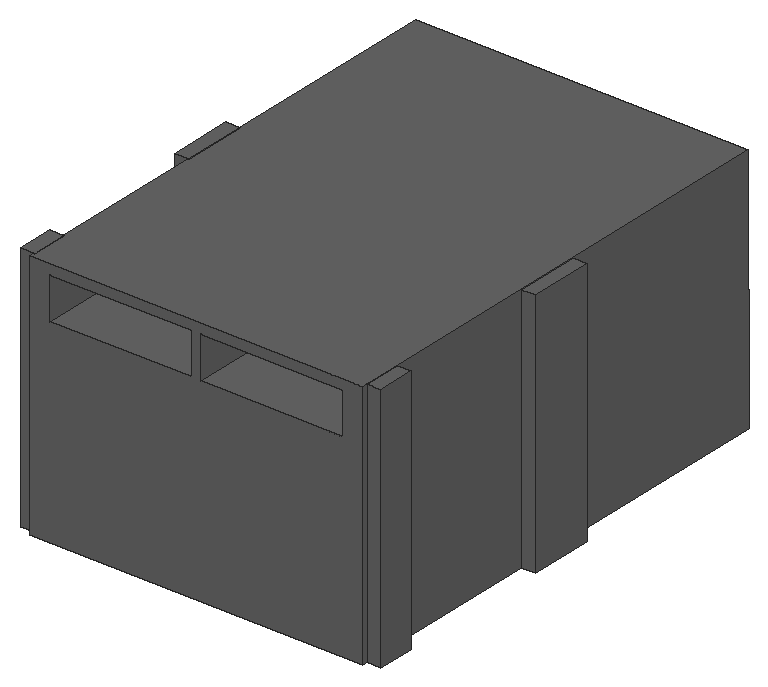
Revit family "WL212-swnew", category Communication Devices, Revit 2012
Parameters
  Width = 21.700"
  Weight Product (lb) = 109
  Weight Product (kg) = 49.4
  Weight Dimensional (lb) = 125
  Weight Dimensional (kg) = 56.7
  URL = "http://www.qscaudio.com/products/speakers/wideline-8/wideline-8_specifications.htm"
  Sensitivity = 99
  SPL Max = 135
  Rigging Collision Zone Width = (Width - Enclosure Width) / 2  # 0.850"
  Rigging Collision Zone Finish = Black Finish
  Regulatory Compliance = "RoHS"
  Rear Rigging Collision Zone Rear Offset = 15.801"
  Rear Rigging Collision Zone Front Offset = 11.926"
  Product Page URL = "http://www.qscaudio.com/products/speakers/wideline-8/wideline-8_specifications.htm"
  Product Documentation Link = "http://media.qscaudio.com/pdfs/Specifications/WideLine8_spec.pdf"
  Power Handling = 1100
  Port Depth = -1 * (Depth - 0.600")  # -28.400"
  Model = "WL212-sw"
  Front Rigging Collision Zone Rear Offset = 2.551"
  Manufacturer URL = "www.qscaudio.com"
  Manufacturer = "QSC Audio Products, LLC"
  Impedance = 4
  Height = 15.000"
  Front Rigging Collision Zone Front Offset = 0.332"
  Enclosure Width = 20.000"
  Enclosure Finish = Black Finish
  Description = "Dual 12\" Bandpass Subwoofer"
  Depth = 29.000"
  Default Elevation = 0.000"
Reference planes (in)
  plane 1 "Center (Front/Back)": y = 0
  plane 2: z = 0
  plane 3 "Center (Left/Right)": x = 0
  plane 4 "Enclosure Rear Extent": y = 29
  plane 5 "Enclosure Top": z = 7.5
  plane 6 "Enclosure Bottom": z = -7.5
  plane 7 "Grill Rear Extent": y = 0.332
  plane 8 "Mid Section Rear Extent": y = 2.551
  plane 9 "Enclosure Right": x = 10
  plane 10 "Enclosure Left": x = -10
  plane 11 "Rear Rigging Collision Zone Front": y = 11.926
  plane 12 "Rear Rigging Collision Zone Rear": y = 15.801
  plane 13 "Rigging Collision Zone Extent Left": x = -10.85
  plane 14 "Rigging Collision Zone Extent Right": x = 10.85
Forms (in)
  Extrusion 1, solid, material "Black Finish" <- "Rigging Collision Zone Finish"
    sketch origin (10.85, 0, 0) x (0, 1, 0) y (0, 0, -1)
      loop
        line (15.801, -7.5) -> (15.801, 7.5) -> (11.926, 7.5) -> (11.926, -7.5) -> (15.801, -7.5)
    from 0 to 0.85 <- "Rigging Collision Zone Width"
  Extrusion 2, solid, material "Black Finish" <- "Rigging Collision Zone Finish"
    sketch origin (-10.85, 0, 0) x (0, 1, 0) y (0, 0, 1)
      loop
        line (15.801, 7.5) -> (11.926, 7.5) -> (11.926, -7.5) -> (15.801, -7.5) -> (15.801, 7.5)
    from 0 to 0.85 <- "Rigging Collision Zone Width"
  Extrusion 3, solid, material "Black Finish" <- "Rigging Collision Zone Finish"
    sketch origin (-10.85, 0, 0) x (0, 1, 0) y (0, 0, 1)
      loop
        line (0.332, 7.5) -> (0.332, -7.5) -> (2.551, -7.5) -> (2.551, 7.5) -> (0.332, 7.5)
    from 0 to 0.85 <- "Rigging Collision Zone Width"
  Extrusion 4, solid, material "Black Finish" <- "Rigging Collision Zone Finish"
    sketch origin (10.85, 0, 0) x (0, 1, 0) y (0, 0, -1)
      loop
        line (0.332, -7.5) -> (2.551, -7.5) -> (2.551, 7.5) -> (0.332, 7.5) -> (0.332, -7.5)
    from 0 to 0.85 <- "Rigging Collision Zone Width"
  Extrusion 5, solid, material "Black Finish" <- "Enclosure Finish"
    sketch origin (10, 0, 0) x (0, 1, 0) y (0, 0, -1)
      loop
        line (0, -7.5) -> (29, -7.5) -> (29, 7.5) -> (0, 7.5) -> (0, -7.5)
    from 0 to 20 <- "Enclosure Width"
  Extrusion 6, void
    sketch origin (0, 0, 0) x (1, 0, 0) y (0, 0, 1)
      loop
        line (-8.808, 6.922) -> (-8.808, 4.386) -> (-0.295, 4.386) -> (-0.295, 6.922) -> (-8.808, 6.922)
      loop
        line (8.808, 6.922) -> (0.295, 6.922) -> (0.295, 4.386) -> (8.808, 4.386) -> (8.808, 6.922)
    from 0 to -28.4 <- "Port Depth"
Cuts and joins
  Extrusion 6 cuts Extrusion 5
Lines and regions (in)
  model lines, not visible, detail levels medium+fine
    curve 1: line (9.95, 7.16358, 0.83783) -> (9.95, 6.7362, 0.0386)
    curve 2: line (9.95, 6.7362, 0.0386) -> (9.95, 7.16338, -0.75902)
    curve 3: arc (9.95, 8.39198, -0.86627) -> (9.95, 8.40637, -0.901) -> (9.95, 8.4411, -0.91538) r 0.04911
    curve 4: arc (9.95, 8.90456, -0.91538) -> (9.95, 8.93928, -0.901) -> (9.95, 8.95367, -0.86627) r 0.04911
    curve 5: line (9.95, 9.18881, -0.75922) -> (9.95, 9.56527, -0.45814)
    curve 6: line (9.95, 9.56527, 0.53614) -> (9.95, 9.18881, 0.83783)
    curve 7: arc (9.95, 9.16836, 0.40824) -> (9.95, 9.13689, 0.48422) -> (9.95, 9.06091, 0.51569) r 0.10745
    curve 8: arc (9.95, 9.06091, -0.43709) -> (9.95, 9.13689, -0.40562) -> (9.95, 9.16836, -0.32964) r 0.10745
    curve 9: arc (9.95, 8.95367, -0.32964) -> (9.95, 8.93928, -0.29491) -> (9.95, 8.90456, -0.28053) r 0.04911
    curve 10: arc (9.95, 8.4411, -0.28053) -> (9.95, 8.40637, -0.29491) -> (9.95, 8.39198, -0.32964) r 0.04911
    curve 11: arc (9.95, 7.38208, -0.32964) -> (9.95, 7.41355, -0.40562) -> (9.95, 7.48952, -0.43709) r 0.10745
    curve 12: arc (9.95, 7.48952, 0.51569) -> (9.95, 7.41355, 0.48422) -> (9.95, 7.38208, 0.40824) r 0.10745
    curve 13: line (9.95, 10.12454, 0.83783) -> (9.95, 9.7563, 0.35693)
    curve 14: line (9.95, 9.7563, 0.35693) -> (9.95, 10.12454, -0.11515)
    curve 15: arc (9.95, 11.74685, -0.2226) -> (9.95, 11.71538, -0.14662) -> (9.95, 11.63941, -0.11515) r 0.10745
    curve 16: arc (9.95, 11.63941, -0.43729) -> (9.95, 11.71538, -0.40582) -> (9.95, 11.74685, -0.32984) r 0.10745
    curve 17: arc (9.95, 9.86816, -0.43729) -> (9.95, 9.79218, -0.46876) -> (9.95, 9.76071, -0.54473) r 0.10745
    curve 18: arc (9.95, 9.76071, -0.65198) -> (9.95, 9.79218, -0.72795) -> (9.95, 9.86816, -0.75942) r 0.10745
    curve 19: line (9.95, 12.09064, -0.75942) -> (9.95, 12.46068, -0.27692)
    curve 20: line (9.95, 12.46068, -0.27692) -> (9.95, 12.09064, 0.19355)
    curve 21: arc (9.95, 10.46833, 0.301) -> (9.95, 10.4998, 0.22502) -> (9.95, 10.57578, 0.19355) r 0.10745
    curve 22: arc (9.95, 10.57578, 0.51569) -> (9.95, 10.4998, 0.48422) -> (9.95, 10.46833, 0.40824) r 0.10745
    curve 23: arc (9.95, 12.34702, 0.51569) -> (9.95, 12.423, 0.54716) -> (9.95, 12.45447, 0.62314) r 0.10745
    curve 24: arc (9.95, 12.45447, 0.73038) -> (9.95, 12.423, 0.80636) -> (9.95, 12.34702, 0.83783) r 0.10745
    curve 25: line (9.95, 13.09052, 0.83783) -> (9.95, 12.63693, 0.03668)
    curve 26: line (9.95, 12.63693, 0.03668) -> (9.95, 13.09052, -0.75922)
    curve 27: arc (9.95, 15.23803, -0.75922) -> (9.95, 15.31401, -0.72775) -> (9.95, 15.34548, -0.65178) r 0.10745
    curve 28: arc (9.95, 15.34548, -0.54453) -> (9.95, 15.31401, -0.46856) -> (9.95, 15.23803, -0.43709) r 0.10745
    curve 29: arc (9.95, 13.2992, -0.32964) -> (9.95, 13.33067, -0.40562) -> (9.95, 13.40665, -0.43709) r 0.10745
    curve 30: arc (9.95, 13.40665, 0.51569) -> (9.95, 13.33067, 0.48422) -> (9.95, 13.2992, 0.40824) r 0.10745
    curve 31: arc (9.95, 15.23803, 0.51569) -> (9.95, 15.31401, 0.54716) -> (9.95, 15.34548, 0.62314) r 0.10745
    curve 32: arc (9.95, 15.34548, 0.73038) -> (9.95, 15.31401, 0.80636) -> (9.95, 15.23803, 0.83783) r 0.10745
    curve 33: line (9.95, 7.16338, -0.75902) -> (9.95, 8.39198, -0.75902)
    curve 34: line (9.95, 8.39198, -0.75902) -> (9.95, 8.39198, -0.86627)
    curve 35: line (9.95, 8.4411, -0.91538) -> (9.95, 8.90456, -0.91538)
    curve 36: line (9.95, 8.95367, -0.86627) -> (9.95, 8.95367, -0.75922)
    curve 37: line (9.95, 8.95367, -0.75922) -> (9.95, 9.18881, -0.75922)
    curve 38: line (9.95, 9.56527, -0.45814) -> (9.95, 9.56527, 0.53614)
    curve 39: line (9.95, 9.18881, 0.83783) -> (9.95, 7.16358, 0.83783)
    curve 40: line (9.95, 7.48952, 0.51569) -> (9.95, 9.06091, 0.51569)
    curve 41: line (9.95, 9.16836, 0.40824) -> (9.95, 9.16836, -0.32964)
    curve 42: line (9.95, 9.06091, -0.43709) -> (9.95, 8.95367, -0.43709)
    curve 43: line (9.95, 8.95367, -0.43709) -> (9.95, 8.95367, -0.32964)
    curve 44: line (9.95, 8.90456, -0.28053) -> (9.95, 8.4411, -0.28053)
    curve 45: line (9.95, 8.39198, -0.32964) -> (9.95, 8.39198, -0.43709)
    curve 46: line (9.95, 8.39198, -0.43709) -> (9.95, 7.48952, -0.43709)
    curve 47: line (9.95, 7.38208, -0.32964) -> (9.95, 7.38208, 0.40824)
    curve 48: line (9.95, 10.12454, -0.11515) -> (9.95, 11.63941, -0.11515)
    curve 49: line (9.95, 11.74685, -0.2226) -> (9.95, 11.74685, -0.32984)
    curve 50: line (9.95, 11.63941, -0.43729) -> (9.95, 9.86816, -0.43729)
    curve 51: line (9.95, 9.76071, -0.54473) -> (9.95, 9.76071, -0.65198)
    curve 52: line (9.95, 9.86816, -0.75942) -> (9.95, 12.09064, -0.75942)
    curve 53: line (9.95, 12.09064, 0.19355) -> (9.95, 10.57578, 0.19355)
    curve 54: line (9.95, 10.46833, 0.301) -> (9.95, 10.46833, 0.40824)
    curve 55: line (9.95, 10.57578, 0.51569) -> (9.95, 12.34702, 0.51569)
    curve 56: line (9.95, 12.45447, 0.62314) -> (9.95, 12.45447, 0.73038)
    curve 57: line (9.95, 12.34702, 0.83783) -> (9.95, 10.12454, 0.83783)
    curve 58: line (9.95, 13.09052, -0.75922) -> (9.95, 15.23803, -0.75922)
    curve 59: line (9.95, 15.34548, -0.65178) -> (9.95, 15.34548, -0.54453)
    curve 60: line (9.95, 15.23803, -0.43709) -> (9.95, 13.40665, -0.43709)
    curve 61: line (9.95, 13.2992, -0.32964) -> (9.95, 13.2992, 0.40824)
    curve 62: line (9.95, 13.40665, 0.51569) -> (9.95, 15.23803, 0.51569)
    curve 63: line (9.95, 15.34548, 0.62314) -> (9.95, 15.34548, 0.73038)
    curve 64: line (9.95, 15.23803, 0.83783) -> (9.95, 13.09052, 0.83783)
    curve 73: line (10, 14.03548, 16.70453) -> (10, 18.53548, 16.70453)
    curve 74: line (10, 13.78548, 15.45453) -> (10, 13.78548, 16.45453)
    curve 75: line (10, 18.53548, 15.20453) -> (10, 14.03548, 15.20453)
    curve 76: line (10, 18.78548, 16.45453) -> (10, 18.78548, 15.45453)
    curve 77: arc (10, 18.78548, 16.45453) -> (10, 18.71225, 16.6313) -> (10, 18.53548, 16.70453) r 0.25
    curve 78: arc (10, 13.78548, 16.45453) -> (10, 13.8587, 16.6313) -> (10, 14.03548, 16.70453) r 0.25
    curve 79: arc (10, 13.78548, 15.45453) -> (10, 13.8587, 15.27775) -> (10, 14.03548, 15.20453) r 0.25
    curve 80: arc (10, 18.78548, 15.45453) -> (10, 18.71225, 15.27775) -> (10, 18.53548, 15.20453) r 0.25
  model lines, detail levels medium+fine
    curve 65: line (10, 3.76123, -2.07238) -> (10, 8.26123, -2.07238)
    curve 66: line (10, 3.51123, -3.32238) -> (10, 3.51123, -2.32238)
    curve 67: line (10, 8.26123, -3.57238) -> (10, 3.76123, -3.57238)
    curve 68: line (10, 8.51123, -2.32238) -> (10, 8.51123, -3.32238)
    curve 69: arc (10, 8.51123, -2.32238) -> (10, 8.43801, -2.1456) -> (10, 8.26123, -2.07238) r 0.25
    curve 70: arc (10, 3.51123, -2.32238) -> (10, 3.58445, -2.1456) -> (10, 3.76123, -2.07238) r 0.25
    curve 71: arc (10, 3.51123, -3.32238) -> (10, 3.58445, -3.49916) -> (10, 3.76123, -3.57238) r 0.25
    curve 72: arc (10, 8.51123, -3.32238) -> (10, 8.43801, -3.49916) -> (10, 8.26123, -3.57238) r 0.25
    curve 81: line (10, 21.79935, 4.34945) -> (10, 26.29935, 4.34945)
    curve 82: line (10, 21.54935, 3.09945) -> (10, 21.54935, 4.09945)
    curve 83: line (10, 26.29935, 2.84945) -> (10, 21.79935, 2.84945)
    curve 84: line (10, 26.54935, 4.09945) -> (10, 26.54935, 3.09945)
    curve 85: arc (10, 26.54935, 4.09945) -> (10, 26.47612, 4.27623) -> (10, 26.29935, 4.34945) r 0.25
    curve 86: arc (10, 21.54935, 4.09945) -> (10, 21.62257, 4.27623) -> (10, 21.79935, 4.34945) r 0.25
    curve 87: arc (10, 21.54935, 3.09945) -> (10, 21.62257, 2.92267) -> (10, 21.79935, 2.84945) r 0.25
    curve 88: arc (10, 26.54935, 3.09945) -> (10, 26.47612, 2.92267) -> (10, 26.29935, 2.84945) r 0.25
    curve 89: line (10, 18.54984, -1.53287) -> (10, 18.12246, -2.33209)
    curve 90: line (10, 18.12246, -2.33209) -> (10, 18.54964, -3.12972)
    curve 91: arc (10, 19.77825, -3.23696) -> (10, 19.79263, -3.27169) -> (10, 19.82736, -3.28607) r 0.04911
    curve 92: arc (10, 20.29082, -3.28607) -> (10, 20.32555, -3.27169) -> (10, 20.33993, -3.23696) r 0.04911
    curve 93: line (10, 20.57507, -3.12992) -> (10, 20.95153, -2.82883)
    curve 94: line (10, 20.95153, -1.83456) -> (10, 20.57507, -1.53287)
    curve 95: arc (10, 20.55462, -1.96245) -> (10, 20.52315, -1.88647) -> (10, 20.44718, -1.855) r 0.10745
    curve 96: arc (10, 20.44718, -2.80778) -> (10, 20.52315, -2.77631) -> (10, 20.55462, -2.70034) r 0.10745
    curve 97: arc (10, 20.33993, -2.70034) -> (10, 20.32555, -2.66561) -> (10, 20.29082, -2.65122) r 0.04911
    curve 98: arc (10, 19.82736, -2.65122) -> (10, 19.79263, -2.66561) -> (10, 19.77825, -2.70034) r 0.04911
    curve 99: arc (10, 18.76834, -2.70034) -> (10, 18.79981, -2.77631) -> (10, 18.87579, -2.80778) r 0.10745
    curve 100: arc (10, 18.87579, -1.855) -> (10, 18.79981, -1.88647) -> (10, 18.76834, -1.96245) r 0.10745
    curve 101: line (10, 21.51081, -1.53287) -> (10, 21.14257, -2.01377)
    curve 102: line (10, 21.14257, -2.01377) -> (10, 21.51081, -2.48585)
    curve 103: arc (10, 23.13312, -2.59329) -> (10, 23.10165, -2.51732) -> (10, 23.02567, -2.48585) r 0.10745
    curve 104: arc (10, 23.02567, -2.80798) -> (10, 23.10165, -2.77651) -> (10, 23.13312, -2.70054) r 0.10745
    curve 105: arc (10, 21.25442, -2.80798) -> (10, 21.17845, -2.83945) -> (10, 21.14698, -2.91543) r 0.10745
    curve 106: arc (10, 21.14698, -3.02267) -> (10, 21.17845, -3.09865) -> (10, 21.25442, -3.13012) r 0.10745
    curve 107: line (10, 23.4769, -3.13012) -> (10, 23.84695, -2.64762)
    curve 108: line (10, 23.84695, -2.64762) -> (10, 23.4769, -2.17714)
    curve 109: arc (10, 21.85459, -2.06969) -> (10, 21.88606, -2.14567) -> (10, 21.96204, -2.17714) r 0.10745
    curve 110: arc (10, 21.96204, -1.855) -> (10, 21.88606, -1.88647) -> (10, 21.85459, -1.96245) r 0.10745
    curve 111: arc (10, 23.73329, -1.855) -> (10, 23.80926, -1.82353) -> (10, 23.84073, -1.74756) r 0.10745
    curve 112: arc (10, 23.84073, -1.64031) -> (10, 23.80926, -1.56434) -> (10, 23.73329, -1.53287) r 0.10745
    curve 113: line (10, 24.47679, -1.53287) -> (10, 24.0232, -2.33401)
    curve 114: line (10, 24.0232, -2.33401) -> (10, 24.47679, -3.12992)
    curve 115: arc (10, 26.6243, -3.12992) -> (10, 26.70027, -3.09845) -> (10, 26.73174, -3.02247) r 0.10745
    curve 116: arc (10, 26.73174, -2.91523) -> (10, 26.70027, -2.83925) -> (10, 26.6243, -2.80778) r 0.10745
    curve 117: arc (10, 24.68546, -2.70034) -> (10, 24.71693, -2.77631) -> (10, 24.79291, -2.80778) r 0.10745
    curve 118: arc (10, 24.79291, -1.855) -> (10, 24.71693, -1.88647) -> (10, 24.68546, -1.96245) r 0.10745
    curve 119: arc (10, 26.6243, -1.855) -> (10, 26.70027, -1.82353) -> (10, 26.73174, -1.74756) r 0.10745
    curve 120: arc (10, 26.73174, -1.64031) -> (10, 26.70027, -1.56434) -> (10, 26.6243, -1.53287) r 0.10745
    curve 121: line (10, 18.54964, -3.12972) -> (10, 19.77825, -3.12972)
    curve 122: line (10, 19.77825, -3.12972) -> (10, 19.77825, -3.23696)
    curve 123: line (10, 19.82736, -3.28607) -> (10, 20.29082, -3.28607)
    curve 124: line (10, 20.33993, -3.23696) -> (10, 20.33993, -3.12992)
    curve 125: line (10, 20.33993, -3.12992) -> (10, 20.57507, -3.12992)
    curve 126: line (10, 20.95153, -2.82883) -> (10, 20.95153, -1.83456)
    curve 127: line (10, 20.57507, -1.53287) -> (10, 18.54984, -1.53287)
    curve 128: line (10, 18.87579, -1.855) -> (10, 20.44718, -1.855)
    curve 129: line (10, 20.55462, -1.96245) -> (10, 20.55462, -2.70034)
    curve 130: line (10, 20.44718, -2.80778) -> (10, 20.33993, -2.80778)
    curve 131: line (10, 20.33993, -2.80778) -> (10, 20.33993, -2.70034)
    curve 132: line (10, 20.29082, -2.65122) -> (10, 19.82736, -2.65122)
    curve 133: line (10, 19.77825, -2.70034) -> (10, 19.77825, -2.80778)
    curve 134: line (10, 19.77825, -2.80778) -> (10, 18.87579, -2.80778)
    curve 135: line (10, 18.76834, -2.70034) -> (10, 18.76834, -1.96245)
    curve 136: line (10, 21.51081, -2.48585) -> (10, 23.02567, -2.48585)
    curve 137: line (10, 23.13312, -2.59329) -> (10, 23.13312, -2.70054)
    curve 138: line (10, 23.02567, -2.80798) -> (10, 21.25442, -2.80798)
    curve 139: line (10, 21.14698, -2.91543) -> (10, 21.14698, -3.02267)
    curve 140: line (10, 21.25442, -3.13012) -> (10, 23.4769, -3.13012)
    curve 141: line (10, 23.4769, -2.17714) -> (10, 21.96204, -2.17714)
    curve 142: line (10, 21.85459, -2.06969) -> (10, 21.85459, -1.96245)
    curve 143: line (10, 21.96204, -1.855) -> (10, 23.73329, -1.855)
    curve 144: line (10, 23.84073, -1.74756) -> (10, 23.84073, -1.64031)
    curve 145: line (10, 23.73329, -1.53287) -> (10, 21.51081, -1.53287)
    curve 146: line (10, 24.47679, -3.12992) -> (10, 26.6243, -3.12992)
    curve 147: line (10, 26.73174, -3.02247) -> (10, 26.73174, -2.91523)
    curve 148: line (10, 26.6243, -2.80778) -> (10, 24.79291, -2.80778)
    curve 149: line (10, 24.68546, -2.70034) -> (10, 24.68546, -1.96245)
    curve 150: line (10, 24.79291, -1.855) -> (10, 26.6243, -1.855)
    curve 151: line (10, 26.73174, -1.74756) -> (10, 26.73174, -1.64031)
    curve 152: line (10, 26.6243, -1.53287) -> (10, 24.47679, -1.53287)
    curve 153: line (-10, 8.15861, -2.07238) -> (-10, 3.65861, -2.07238)
    curve 154: line (-10, 8.40861, -3.32238) -> (-10, 8.40861, -2.32238)
    curve 155: line (-10, 3.65861, -3.57238) -> (-10, 8.15861, -3.57238)
    curve 156: line (-10, 3.40861, -2.32238) -> (-10, 3.40861, -3.32238)
    curve 157: arc (-10, 3.40861, -2.32238) -> (-10, 3.48183, -2.1456) -> (-10, 3.65861, -2.07238) r 0.25
    curve 158: arc (-10, 8.40861, -2.32238) -> (-10, 8.33538, -2.1456) -> (-10, 8.15861, -2.07238) r 0.25
    curve 159: arc (-10, 8.40861, -3.32238) -> (-10, 8.33538, -3.49916) -> (-10, 8.15861, -3.57238) r 0.25
    curve 160: arc (-10, 3.40861, -3.32238) -> (-10, 3.48183, -3.49916) -> (-10, 3.65861, -3.57238) r 0.25
    curve 161: line (-10, 26.32028, 4.34945) -> (-10, 21.82028, 4.34945)
    curve 162: line (-10, 26.57028, 3.09945) -> (-10, 26.57028, 4.09945)
    curve 163: line (-10, 21.82028, 2.84945) -> (-10, 26.32028, 2.84945)
    curve 164: line (-10, 21.57028, 4.09945) -> (-10, 21.57028, 3.09945)
    curve 165: arc (-10, 21.57028, 4.09945) -> (-10, 21.6435, 4.27623) -> (-10, 21.82028, 4.34945) r 0.25
    curve 166: arc (-10, 26.57028, 4.09945) -> (-10, 26.49705, 4.27623) -> (-10, 26.32028, 4.34945) r 0.25
    curve 167: arc (-10, 26.57028, 3.09945) -> (-10, 26.49705, 2.92267) -> (-10, 26.32028, 2.84945) r 0.25
    curve 168: arc (-10, 21.57028, 3.09945) -> (-10, 21.6435, 2.92267) -> (-10, 21.82028, 2.84945) r 0.25
    curve 169: line (-10, 26.26256, -1.53287) -> (-10, 26.68993, -2.33209)
    curve 170: line (-10, 26.68993, -2.33209) -> (-10, 26.26276, -3.12972)
    curve 171: arc (-10, 25.03415, -3.23696) -> (-10, 25.01976, -3.27169) -> (-10, 24.98504, -3.28607) r 0.04911
    curve 172: arc (-10, 24.52158, -3.28607) -> (-10, 24.48685, -3.27169) -> (-10, 24.47246, -3.23696) r 0.04911
    curve 173: line (-10, 24.23733, -3.12992) -> (-10, 23.86087, -2.82883)
    curve 174: line (-10, 23.86087, -1.83456) -> (-10, 24.23733, -1.53287)
    curve 175: arc (-10, 24.25777, -1.96245) -> (-10, 24.28924, -1.88647) -> (-10, 24.36522, -1.855) r 0.10745
    curve 176: arc (-10, 24.36522, -2.80778) -> (-10, 24.28924, -2.77631) -> (-10, 24.25777, -2.70034) r 0.10745
    curve 177: arc (-10, 24.47246, -2.70034) -> (-10, 24.48685, -2.66561) -> (-10, 24.52158, -2.65122) r 0.04911
    curve 178: arc (-10, 24.98504, -2.65122) -> (-10, 25.01976, -2.66561) -> (-10, 25.03415, -2.70034) r 0.04911
    curve 179: arc (-10, 26.04406, -2.70034) -> (-10, 26.01259, -2.77631) -> (-10, 25.93661, -2.80778) r 0.10745
    curve 180: arc (-10, 25.93661, -1.855) -> (-10, 26.01259, -1.88647) -> (-10, 26.04406, -1.96245) r 0.10745
    curve 181: line (-10, 23.30159, -1.53287) -> (-10, 23.66983, -2.01377)
    curve 182: line (-10, 23.66983, -2.01377) -> (-10, 23.30159, -2.48585)
    curve 183: arc (-10, 21.67928, -2.59329) -> (-10, 21.71075, -2.51732) -> (-10, 21.78673, -2.48585) r 0.10745
    curve 184: arc (-10, 21.78673, -2.80798) -> (-10, 21.71075, -2.77651) -> (-10, 21.67928, -2.70054) r 0.10745
    curve 185: arc (-10, 23.55797, -2.80798) -> (-10, 23.63395, -2.83945) -> (-10, 23.66542, -2.91543) r 0.10745
    curve 186: arc (-10, 23.66542, -3.02267) -> (-10, 23.63395, -3.09865) -> (-10, 23.55797, -3.13012) r 0.10745
    curve 187: line (-10, 21.33549, -3.13012) -> (-10, 20.96545, -2.64762)
    curve 188: line (-10, 20.96545, -2.64762) -> (-10, 21.33549, -2.17714)
    curve 189: arc (-10, 22.9578, -2.06969) -> (-10, 22.92633, -2.14567) -> (-10, 22.85036, -2.17714) r 0.10745
    curve 190: arc (-10, 22.85036, -1.855) -> (-10, 22.92633, -1.88647) -> (-10, 22.9578, -1.96245) r 0.10745
    curve 191: arc (-10, 21.07911, -1.855) -> (-10, 21.00313, -1.82353) -> (-10, 20.97166, -1.74756) r 0.10745
    curve 192: arc (-10, 20.97166, -1.64031) -> (-10, 21.00313, -1.56434) -> (-10, 21.07911, -1.53287) r 0.10745
    curve 193: line (-10, 20.33561, -1.53287) -> (-10, 20.7892, -2.33401)
    curve 194: line (-10, 20.7892, -2.33401) -> (-10, 20.33561, -3.12992)
    curve 195: arc (-10, 18.1881, -3.12992) -> (-10, 18.11213, -3.09845) -> (-10, 18.08066, -3.02247) r 0.10745
    curve 196: arc (-10, 18.08066, -2.91523) -> (-10, 18.11213, -2.83925) -> (-10, 18.1881, -2.80778) r 0.10745
    curve 197: arc (-10, 20.12693, -2.70034) -> (-10, 20.09546, -2.77631) -> (-10, 20.01949, -2.80778) r 0.10745
    curve 198: arc (-10, 20.01949, -1.855) -> (-10, 20.09546, -1.88647) -> (-10, 20.12693, -1.96245) r 0.10745
    curve 199: arc (-10, 18.1881, -1.855) -> (-10, 18.11213, -1.82353) -> (-10, 18.08066, -1.74756) r 0.10745
    curve 200: arc (-10, 18.08066, -1.64031) -> (-10, 18.11213, -1.56434) -> (-10, 18.1881, -1.53287) r 0.10745
    curve 201: line (-10, 26.26276, -3.12972) -> (-10, 25.03415, -3.12972)
    curve 202: line (-10, 25.03415, -3.12972) -> (-10, 25.03415, -3.23696)
    curve 203: line (-10, 24.98504, -3.28607) -> (-10, 24.52158, -3.28607)
    curve 204: line (-10, 24.47246, -3.23696) -> (-10, 24.47246, -3.12992)
    curve 205: line (-10, 24.47246, -3.12992) -> (-10, 24.23733, -3.12992)
    curve 206: line (-10, 23.86087, -2.82883) -> (-10, 23.86087, -1.83456)
    curve 207: line (-10, 24.23733, -1.53287) -> (-10, 26.26256, -1.53287)
    curve 208: line (-10, 25.93661, -1.855) -> (-10, 24.36522, -1.855)
    curve 209: line (-10, 24.25777, -1.96245) -> (-10, 24.25777, -2.70034)
    curve 210: line (-10, 24.36522, -2.80778) -> (-10, 24.47246, -2.80778)
    curve 211: line (-10, 24.47246, -2.80778) -> (-10, 24.47246, -2.70034)
    curve 212: line (-10, 24.52158, -2.65122) -> (-10, 24.98504, -2.65122)
    curve 213: line (-10, 25.03415, -2.70034) -> (-10, 25.03415, -2.80778)
    curve 214: line (-10, 25.03415, -2.80778) -> (-10, 25.93661, -2.80778)
    curve 215: line (-10, 26.04406, -2.70034) -> (-10, 26.04406, -1.96245)
    curve 216: line (-10, 23.30159, -2.48585) -> (-10, 21.78673, -2.48585)
    curve 217: line (-10, 21.67928, -2.59329) -> (-10, 21.67928, -2.70054)
    curve 218: line (-10, 21.78673, -2.80798) -> (-10, 23.55797, -2.80798)
    curve 219: line (-10, 23.66542, -2.91543) -> (-10, 23.66542, -3.02267)
    curve 220: line (-10, 23.55797, -3.13012) -> (-10, 21.33549, -3.13012)
    curve 221: line (-10, 21.33549, -2.17714) -> (-10, 22.85036, -2.17714)
    curve 222: line (-10, 22.9578, -2.06969) -> (-10, 22.9578, -1.96245)
    curve 223: line (-10, 22.85036, -1.855) -> (-10, 21.07911, -1.855)
    curve 224: line (-10, 20.97166, -1.74756) -> (-10, 20.97166, -1.64031)
    curve 225: line (-10, 21.07911, -1.53287) -> (-10, 23.30159, -1.53287)
    curve 226: line (-10, 20.33561, -3.12992) -> (-10, 18.1881, -3.12992)
    curve 227: line (-10, 18.08066, -3.02247) -> (-10, 18.08066, -2.91523)
    curve 228: line (-10, 18.1881, -2.80778) -> (-10, 20.01949, -2.80778)
    curve 229: line (-10, 20.12693, -2.70034) -> (-10, 20.12693, -1.96245)
    curve 230: line (-10, 20.01949, -1.855) -> (-10, 18.1881, -1.855)
    curve 231: line (-10, 18.08066, -1.74756) -> (-10, 18.08066, -1.64031)
    curve 232: line (-10, 18.1881, -1.53287) -> (-10, 20.33561, -1.53287)
Dimensions and locks (in)
  equal spacing: plane 5 "Enclosure Top", level, plane 6 "Enclosure Bottom"
  "Height": plane 5 "Enclosure Top" to plane 6 "Enclosure Bottom"
  "Depth": plane 1 "Center (Front/Back)" to plane 4 "Enclosure Rear Extent"
  "Front Rigging Collision Zone Front Offset": plane 1 "Center (Front/Back)" to plane 7 "Grill Rear Extent"
  "Front Rigging Collision Zone Rear Offset": plane 1 "Center (Front/Back)" to plane 8 "Mid Section Rear Extent"
  equal spacing: plane 10 "Enclosure Left", plane 3 "Center (Left/Right)", plane 9 "Enclosure Right"
  "Enclosure Width": plane 10 "Enclosure Left" to plane 9 "Enclosure Right"
  equal spacing: plane 13 "Rigging Collision Zone Extent Left", plane 3 "Center (Left/Right)", plane 14 "Rigging Collision Zone Extent Right"
  "Width": plane 13 "Rigging Collision Zone Extent Left" to plane 14 "Rigging Collision Zone Extent Right"
  "Rear Rigging Collision Zone Front Offset": plane 1 "Center (Front/Back)" to plane 11 "Rear Rigging Collision Zone Front"
  "Rear Rigging Collision Zone Rear Offset": plane 1 "Center (Front/Back)" to plane 12 "Rear Rigging Collision Zone Rear"
  plane 6 "Enclosure Bottom" to curve 146 = 4.37008"
  curve 149 to plane 4 "Enclosure Rear Extent" = 4.31454"
  plane 4 "Enclosure Rear Extent" to curve 229 = 8.87307"
  plane 6 "Enclosure Bottom" to curve 226 = 4.37008"
  Extrusion 6 sketch curve to Extrusion 6 sketch curve to plane 5 "Enclosure Top" = 2.536", 0.578"
  Extrusion 6 sketch curve to Extrusion 6 sketch curve to plane 3 "Center (Left/Right)" = 8.513", 0.295"
  Extrusion 6 sketch curve to Extrusion 6 sketch curve = 0.000"  (x2)
  plane 3 "Center (Left/Right)" to Extrusion 6 sketch curve to Extrusion 6 sketch curve = 0.295", 8.513"
  aligned and locked: plane 2 to level
  aligned and locked: Extrusion 1 sketch curve to plane 12 "Rear Rigging Collision Zone Rear"
  aligned and locked: plane 11 "Rear Rigging Collision Zone Front" to Extrusion 1 sketch curve
  aligned and locked: Extrusion 2 sketch curve to plane 12 "Rear Rigging Collision Zone Rear"
  aligned and locked: plane 11 "Rear Rigging Collision Zone Front" to Extrusion 2 sketch curve
  aligned and locked: Extrusion 3 sketch curve to plane 5 "Enclosure Top"
  aligned and locked: Extrusion 3 sketch curve to plane 7 "Grill Rear Extent"
  aligned and locked: Extrusion 3 sketch curve to plane 6 "Enclosure Bottom"
  aligned and locked: plane 8 "Mid Section Rear Extent" to Extrusion 3 sketch curve
  aligned and locked: plane 5 "Enclosure Top" to Extrusion 4 sketch curve
  aligned and locked: plane 7 "Grill Rear Extent" to Extrusion 4 sketch curve
  aligned and locked: plane 6 "Enclosure Bottom" to Extrusion 4 sketch curve
  aligned and locked: Extrusion 4 sketch curve to plane 8 "Mid Section Rear Extent"
  aligned and locked: plane 5 "Enclosure Top" to Extrusion 1 sketch curve
  aligned and locked: Extrusion 1 sketch curve to plane 6 "Enclosure Bottom"
  aligned and locked: plane 5 "Enclosure Top" to Extrusion 2 sketch curve
  aligned and locked: Extrusion 2 sketch curve to plane 6 "Enclosure Bottom"
  aligned and locked: plane 5 "Enclosure Top" to Extrusion 5 sketch curve
  aligned and locked: plane 1 "Center (Front/Back)" to Extrusion 5 sketch curve
  aligned and locked: Extrusion 5 sketch curve to plane 6 "Enclosure Bottom"
  aligned and locked: Extrusion 5 sketch curve to plane 4 "Enclosure Rear Extent"
  aligned and locked: plane 9 "Enclosure Right" to curve 128
  aligned and locked: plane 10 "Enclosure Left" to curve 207
  aligned and locked: plane 10 "Enclosure Left" to curve 161
Automatic sketch dimensions
  curve 71 to curve 67 = 0.250"
  curve 70 to curve 70 = 0.250"
  curve 67 to curve 69 = 0.000"
  curve 69 to curve 68 = 0.250"
  curve 79 to curve 75 = 0.250"
  curve 78 to curve 78 = 0.250"
  curve 75 to curve 77 = 0.000"
  curve 77 to curve 76 = 0.250"
  curve 87 to curve 83 = 0.250"
  curve 86 to curve 86 = 0.250"
  curve 83 to curve 85 = 0.000"
  curve 85 to curve 84 = 0.250"
  curve 89 to curve 90 = 0.42718"
  curve 89 to curve 127 = 0.42738"
  curve 127 to curve 135 = 0.2185"
  curve 100 to curve 128 = 0.10745"
  curve 99 to curve 99 = 0.10745"
  curve 99 to curve 121 = 0.90246"
  curve 133 to curve 121 = 0.000"
  curve 133 to curve 132 = 0.04911"
  curve 122 to curve 91 = 0.04911"
  curve 132 to curve 97 = 0.46346"
  curve 91 to curve 92 = 0.46346"
  curve 92 to curve 124 = 0.04911"
  curve 97 to curve 130 = 0.04911"
  curve 130 to curve 96 = 0.10725"
  curve 97 to curve 95 = 0.15636"
  curve 96 to curve 129 = 0.10745"
  curve 124 to curve 125 = 0.23514"
  curve 95 to curve 127 = 0.12789"
  curve 95 to curve 94 = 0.39691"
  curve 94 to curve 102 = 0.19104"
  curve 93 to curve 105 = 0.19545"
  curve 139 to curve 105 = 0.10745"
  curve 106 to curve 105 = 0.000"
  curve 105 to curve 136 = 0.25639"
  curve 101 to curve 145 = 0.36824"
  curve 101 to curve 142 = 0.34379"
  curve 142 to curve 109 = 0.10745"
  curve 142 to curve 143 = 0.10745"
  curve 109 to curve 104 = 1.06363"
  curve 103 to curve 104 = 0.000"
  curve 104 to curve 104 = 0.10745"
  curve 103 to curve 141 = 0.34379"
  curve 137 to curve 107 = 0.34379"
  curve 108 to curve 111 = 0.25639"
  curve 145 to curve 111 = 0.000"
  curve 111 to curve 111 = 0.10745"
  curve 108 to curve 107 = 0.37005"
  curve 107 to curve 114 = 0.17625"
  curve 107 to curve 146 = 0.62984"
  curve 144 to curve 152 = 0.63605"
  curve 114 to curve 149 = 0.20868"
  curve 117 to curve 117 = 0.10745"
  curve 149 to curve 150 = 0.10745"
  curve 150 to curve 119 = 1.83139"
  curve 116 to curve 119 = 0.000"
  curve 120 to curve 119 = 0.000"
  curve 115 to curve 116 = 0.000"
  curve 115 to curve 147 = 0.10745"
  curve 119 to curve 119 = 0.10745"
  curve 152 to curve 94 = 0.000"
  curve 145 to curve 94 = 0.000"
  curve 144 to curve 144 = 0.10725"
  curve 120 to curve 119 = 0.10725"
  curve 94 to curve 126 = 0.30169"
  curve 94 to curve 128 = 0.32214"
  curve 94 to curve 102 = 0.17921"
  curve 110 to curve 109 = 0.10725"
  curve 100 to curve 89 = 0.36964"
  curve 111 to curve 113 = 0.47901"
  curve 108 to curve 103 = 0.30871"
  curve 113 to curve 107 = 0.3136"
  curve 95 to curve 97 = 0.68877"
  curve 118 to curve 117 = 0.73789"
  curve 96 to curve 97 = 0.000"
  curve 100 to curve 99 = 0.73789"
  curve 103 to curve 104 = 0.10725"
  curve 126 to curve 139 = 0.0866"
  curve 147 to curve 147 = 0.10725"
  curve 105 to curve 106 = 0.10725"
  curve 99 to curve 121 = 0.32194"
  curve 96 to curve 125 = 0.32214"
  curve 121 to curve 122 = 0.10725"
  curve 1 to curve 2 = 0.42718"
  curve 1 to curve 39 = 0.42738"
  curve 39 to curve 47 = 0.2185"
  curve 12 to curve 40 = 0.10745"
  curve 11 to curve 11 = 0.10745"
  curve 11 to curve 33 = 0.90246"
  curve 45 to curve 33 = 0.000"
  curve 45 to curve 44 = 0.04911"
  curve 34 to curve 3 = 0.04911"
  curve 44 to curve 9 = 0.46346"
  curve 3 to curve 4 = 0.46346"
  curve 4 to curve 36 = 0.04911"
  curve 9 to curve 42 = 0.04911"
  curve 42 to curve 8 = 0.10725"
  curve 9 to curve 7 = 0.15636"
  curve 8 to curve 41 = 0.10745"
  curve 36 to curve 37 = 0.23514"
  curve 7 to curve 39 = 0.12789"
  curve 7 to curve 6 = 0.39691"
  curve 6 to curve 14 = 0.19104"
  curve 5 to curve 17 = 0.19545"
  curve 51 to curve 17 = 0.10745"
  curve 18 to curve 17 = 0.000"
  curve 17 to curve 48 = 0.25639"
  curve 13 to curve 57 = 0.36824"
  curve 13 to curve 54 = 0.34379"
  curve 54 to curve 21 = 0.10745"
  curve 54 to curve 55 = 0.10745"
  curve 21 to curve 16 = 1.06363"
  curve 15 to curve 16 = 0.000"
  curve 16 to curve 16 = 0.10745"
  curve 15 to curve 53 = 0.34379"
  curve 49 to curve 19 = 0.34379"
  curve 20 to curve 23 = 0.25639"
  curve 57 to curve 23 = 0.000"
  curve 23 to curve 23 = 0.10745"
  curve 20 to curve 19 = 0.37005"
  curve 19 to curve 26 = 0.17625"
  curve 19 to curve 58 = 0.62984"
  curve 56 to curve 64 = 0.63605"
  curve 26 to curve 61 = 0.20868"
  curve 29 to curve 29 = 0.10745"
  curve 61 to curve 62 = 0.10745"
  curve 62 to curve 31 = 1.83139"
  curve 28 to curve 31 = 0.000"
  curve 32 to curve 31 = 0.000"
  curve 27 to curve 28 = 0.000"
  curve 27 to curve 59 = 0.10745"
  curve 31 to curve 31 = 0.10745"
  curve 64 to curve 6 = 0.000"
  curve 57 to curve 6 = 0.000"
  curve 56 to curve 56 = 0.10725"
  curve 32 to curve 31 = 0.10725"
  curve 6 to curve 38 = 0.30169"
  curve 6 to curve 40 = 0.32214"
  curve 6 to curve 14 = 0.17921"
  curve 22 to curve 21 = 0.10725"
  curve 12 to curve 1 = 0.36964"
  curve 23 to curve 25 = 0.47901"
  curve 20 to curve 15 = 0.30871"
  curve 25 to curve 19 = 0.3136"
  curve 7 to curve 9 = 0.68877"
  curve 30 to curve 29 = 0.73789"
  curve 8 to curve 9 = 0.000"
  curve 12 to curve 11 = 0.73789"
  curve 15 to curve 16 = 0.10725"
  curve 38 to curve 51 = 0.0866"
  curve 59 to curve 59 = 0.10725"
  curve 17 to curve 18 = 0.10725"
  curve 11 to curve 33 = 0.32194"
  curve 8 to curve 37 = 0.32214"
  curve 33 to curve 34 = 0.10725"
  curve 159 to curve 155 = 0.250"
  curve 158 to curve 158 = 0.250"
  curve 155 to curve 157 = 0.000"
  curve 157 to curve 156 = 0.250"
  curve 167 to curve 163 = 0.250"
  curve 166 to curve 166 = 0.250"
  curve 163 to curve 165 = 0.000"
  curve 165 to curve 164 = 0.250"
  curve 169 to curve 170 = 0.42718"
  curve 169 to curve 207 = 0.42738"
  curve 207 to curve 215 = 0.2185"
  curve 180 to curve 208 = 0.10745"
  curve 179 to curve 179 = 0.10745"
  curve 179 to curve 201 = 0.90246"
  curve 213 to curve 201 = 0.000"
  curve 213 to curve 212 = 0.04911"
  curve 202 to curve 171 = 0.04911"
  curve 212 to curve 177 = 0.46346"
  curve 171 to curve 172 = 0.46346"
  curve 172 to curve 204 = 0.04911"
  curve 177 to curve 210 = 0.04911"
  curve 210 to curve 176 = 0.10725"
  curve 177 to curve 175 = 0.15636"
  curve 176 to curve 209 = 0.10745"
  curve 204 to curve 205 = 0.23514"
  curve 175 to curve 207 = 0.12789"
  curve 175 to curve 174 = 0.39691"
  curve 174 to curve 182 = 0.19104"
  curve 173 to curve 185 = 0.19545"
  curve 219 to curve 185 = 0.10745"
  curve 186 to curve 185 = 0.000"
  curve 185 to curve 216 = 0.25639"
  curve 181 to curve 225 = 0.36824"
  curve 181 to curve 222 = 0.34379"
  curve 222 to curve 189 = 0.10745"
  curve 222 to curve 223 = 0.10745"
  curve 189 to curve 184 = 1.06363"
  curve 183 to curve 184 = 0.000"
  curve 184 to curve 184 = 0.10745"
  curve 183 to curve 221 = 0.34379"
  curve 217 to curve 187 = 0.34379"
  curve 188 to curve 191 = 0.25639"
  curve 225 to curve 191 = 0.000"
  curve 191 to curve 191 = 0.10745"
  curve 188 to curve 187 = 0.37005"
  curve 187 to curve 194 = 0.17625"
  curve 187 to curve 226 = 0.62984"
  curve 224 to curve 232 = 0.63605"
  curve 194 to curve 229 = 0.20868"
  curve 197 to curve 197 = 0.10745"
  curve 229 to curve 230 = 0.10745"
  curve 230 to curve 199 = 1.83139"
  curve 196 to curve 199 = 0.000"
  curve 200 to curve 199 = 0.000"
  curve 195 to curve 196 = 0.000"
  curve 195 to curve 227 = 0.10745"
  curve 199 to curve 199 = 0.10745"
  curve 232 to curve 174 = 0.000"
  curve 225 to curve 174 = 0.000"
  curve 224 to curve 224 = 0.10725"
  curve 200 to curve 199 = 0.10725"
  curve 174 to curve 206 = 0.30169"
  curve 174 to curve 208 = 0.32214"
  curve 174 to curve 182 = 0.17921"
  curve 190 to curve 189 = 0.10725"
  curve 180 to curve 169 = 0.36964"
  curve 191 to curve 193 = 0.47901"
  curve 188 to curve 183 = 0.30871"
  curve 193 to curve 187 = 0.3136"
  curve 175 to curve 177 = 0.68877"
  curve 198 to curve 197 = 0.73789"
  curve 176 to curve 177 = 0.000"
  curve 180 to curve 179 = 0.73789"
  curve 183 to curve 184 = 0.10725"
  curve 206 to curve 219 = 0.0866"
  curve 227 to curve 227 = 0.10725"
  curve 185 to curve 186 = 0.10725"
  curve 179 to curve 201 = 0.32194"
  curve 176 to curve 205 = 0.32214"
  curve 201 to curve 202 = 0.10725"
  curve 71 to curve 72 = 4.500"
  curve 69 to curve 68 = 1.000"
  curve 79 to curve 80 = 4.500"
  curve 77 to curve 76 = 1.000"
  curve 87 to curve 88 = 4.500"
  curve 85 to curve 84 = 1.000"
  curve 159 to curve 160 = 4.500"
  curve 157 to curve 156 = 1.000"
  curve 167 to curve 168 = 4.500"
  curve 165 to curve 164 = 1.000"
Connectors (in)
  electrical at (0, 29, 0)
    settings: on cut or joined group of Extrusion 5, Extrusion 6, index 1, voltage 0 V, apparent load 0 VA, apparent load phase1 0 VA, apparent load phase2 0 VA, apparent load phase3 0 VA, power factor 1, load classification "Other", number of poles 1, system type 14, power factor state 1, is connector primary yes, connector utility no, sub classification motor no, connector description "Speaker Input/Output (Parallel)"
  electrical at (0, 29, 0)
    settings: on cut or joined group of Extrusion 5, Extrusion 6, index 2, voltage 0 V, apparent load 0 VA, apparent load phase1 0 VA, apparent load phase2 0 VA, apparent load phase3 0 VA, power factor 1, load classification "Other", number of poles 1, system type 14, power factor state 1, is connector primary no, connector utility no, sub classification motor no, connector description "Speaker Input/Output (Parallel)"
